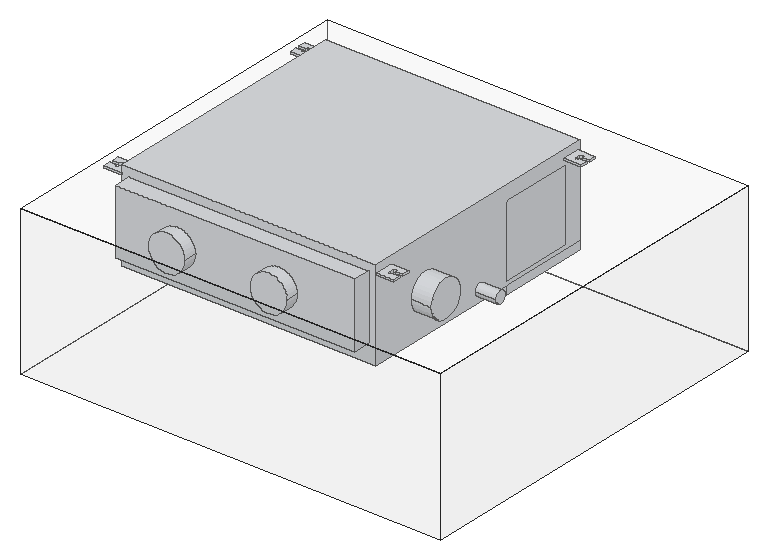
Revit family "pdfy-p22_140gmg7_60Hz", category 機械設備, Revit 2019
Family settings
  丸型コネクタ寸法 = 直径を使用
  パーツ タイプ = 標準
  OmniClass 番号 = 23.75.10.24.21.27.27
  OmniClass タイトル = Split System Air Conditioning Units
  作業面ベース = いいえ
  常に垂直 = いいえ
  ロード時にボイドで切り取り = いいえ
  共有 = いいえ
  部屋計算ポイント = はい
Parameters (values of type "PDFY-P36GMG7")
  騒音レベル（弱）(dB) = 53
  騒音レベル（中）(dB) = 58
  風量（弱）（m3／min） = 7
  風量（中）（m3／min） = 9
  風量（m3／min） = 10.5
  風量 = MAX風量  # 630.0 m³/h
  音響パワーレベル(dB) = 61
  電源種別 = ""
  電圧_電気ヒーター = 0 V
  電圧 = 200 V
  電動機出力_送風機 = 85 W
  運転質量 = 0.00 kg
  連動 = ""
  質量 = if(製品質量 > 運転質量, 製品質量, 運転質量) * 1.2  # 28.80 kg
  負荷分類 = 10_ファンコイル類
  説明 = "ビル用マルチエアコン 室内ユニット 天井ビルトイン形"
  設計暖房能力 [instance] = 0 kW
  設計冷房能力_顕熱 [instance] = 0 kW
  設計冷房能力 [instance] = 0 kW
  設置方法 = "天井吊(隠ぺい)形"
  記号 [instance] = ""
  製造元 = "三菱電機株式会社"
  製品質量 = 24.00 kg
  製品出荷対象 = "国内"
  製品リリース年月 = "2020年7月22日"
  製品グループ = ""
  系統 [instance] = ""
  符号 = "ACP-CIS"
  積算_科目 = "1 空気調和設備"
  積算_拾い区分 [instance] = ""
  相_電気ヒーター = 1
  相 = 1
  盤記号 [instance] = ""
  発停方法 = ""
  特殊仕様 [instance] = ""
  火災停止 = ""
  消費電力_電気ヒーター = 0 W
  消費電力_暖房 = 110 W
  消費電力_加湿器 = 0 W
  消費電力_冷房 = 130 W
  消費電力 = if(消費電力_冷房 > 消費電力_暖房, 消費電力_冷房, 消費電力_暖房) + 消費電力_加湿器 + 消費電力_電気ヒーター  # 130 W
  法定耐用年数 = "15"
  機外静圧 = 30.0 Pa
  極数 = 1
  材質 [instance] = ""
  有効加湿量 = 0
  暖房能力 = 4 kW
  形式_加湿器 = ""
  形式 = "天井吊（隠ぺい）形（片ダクト形）"
  幹線記号 [instance] = ""
  始動方式 = "直入"
  呼称 = "室内機_天井吊(隠ぺい)形(⽚ダクト形)"
  周波数 = 60 Hz
  台数_手元リモコン [instance] = ""
  台数_冷媒分岐ユニット [instance] = ""
  参照している仕様書等のバージョン = "公共建築工事標準仕様書（機械設備工事編）平成31年度版"
  加湿給水管径 = 0.00 mm
  分類コード = "50053003221050"
  分類グループ = ""
  冷房能力 = 3.6 kW
  冷媒高低圧ガス管径 = 0.00 mm
  冷媒管径符号 = "Ac"
  冷媒管径 = 100.00 mm
  冷媒液管径 = 6.35 mm
  冷媒ガス管径 = 12.70 mm
  価格 = 0
  企業コード = "108420"
  付属品_フィルター = ""
  付属品 [instance] = ""
  仕様書バージョン = "Version1.0"
  モデル = "PDFY-P36GMG7"
  パネル マテリアル = none
  ドレン管径 = 32.00 mm
  チャンバーボックス [instance] = yes
  ダクト高 = 178 mm
  ダクト幅 = 660 mm
  コメント [instance] = ""
  Keynote = ""
  Assembly Code = ""
  Width = 700 mm
  Version = ""
  Uniclass2015Version = "Systems v1.9"
  Uniclass2015Title = "Split coil remote air cooled condensing units"
  Uniclass2015Code = "Pr_70_65_03_84"
  URL = "https://www.mitsubishielectric.co.jp/ldg/wink/ssl/displayProduct.do?pid=307501"
  SpecificationReference = ""
  SpecificationDescription = ""
  Revision = ""
  ProductInformation = ""
  OmniClassCode = "23-33 17 13 11"
  MIN風量 = 風量（弱）（m3／min） * 60.0 m³/h  # 420.0 m³/h
  MID風量 = 風量（中）（m3／min） * 60.0 m³/h  # 540.0 m³/h
  MAX風量 = 風量（m3／min） * 60.0 m³/h  # 630.0 m³/h
  IfcTypeProduct = ""
  IfcProduct = ""
  IfcExportType = "AIRCONDITIONINGUNIT"
  IfcExportAs = "IfcUnitaryEquipmentType"
  Height = 250 mm
  Depth = 701 mm
  Author = "三菱電機株式会社"
Types (10, lengths in mm): name | 騒音レベル（弱）(dB) | 騒音レベル（中）(dB) | 風量（弱）（m3／min） | 風量（中）（m3／min） | 風量（m3／min） | 風量 | 音響パワーレベル(dB) | 電動機出力_送風機 | 質量 | 製品質量 | 消費電力_暖房 | 消費電力_冷房 | 消費電力 | 暖房能力 | 冷房能力 | 冷媒管径符号 | 冷媒液管径 | 冷媒ガス管径 | モデル | ダクト幅 | Width | URL | MIN風量 | MID風量 | MAX風量
  PDFY-P22GMG7 | 51 | 55 | 6 | 7.5 | 8.5 | 510.0 m³/h | 57 | 85 W | 28.80 kg | 24.00 kg | 70 W | 90 W | 90 W | 2.5 kW | 2.2 kW | "Ac" | 6.35 | 12.70 | "PDFY-P22GMG7" | 660 | 700 | "https://www.mitsubishielectric.co.jp/ldg/wink/ssl/displayProduct.do?pid=307552" | 360.0 m³/h | 450.0 m³/h | 510.0 m³/h
  PDFY-P28GMG7 | 51 | 56 | 6 | 7.5 | 8.5 | 510.0 m³/h | 57 | 85 W | 28.80 kg | 24.00 kg | 70 W | 90 W | 90 W | 3.2 kW | 2.8 kW | "Ac" | 6.35 | 12.70 | "PDFY-P28GMG7" | 660 | 700 | "https://www.mitsubishielectric.co.jp/ldg/wink/ssl/displayProduct.do?pid=307553" | 360.0 m³/h | 450.0 m³/h | 510.0 m³/h
  PDFY-P36GMG7 | 53 | 58 | 7 | 9 | 10.5 | 630.0 m³/h | 61 | 85 W | 28.80 kg | 24.00 kg | 110 W | 130 W | 130 W | 4 kW | 3.6 kW | "Ac" | 6.35 | 12.70 | "PDFY-P36GMG7" | 660 | 700 | "https://www.mitsubishielectric.co.jp/ldg/wink/ssl/displayProduct.do?pid=307501" | 420.0 m³/h | 540.0 m³/h | 630.0 m³/h
  PDFY-P45GMG7 | 53 | 56 | 9 | 12 | 14 | 840.0 m³/h | 59 | 85 W | 33.60 kg | 28.00 kg | 120 W | 140 W | 140 W | 5 kW | 4.5 kW | "Ac" | 6.35 | 12.70 | "PDFY-P45GMG7" | 860 | 900 | "https://www.mitsubishielectric.co.jp/ldg/wink/ssl/displayProduct.do?pid=307554" | 540.0 m³/h | 720.0 m³/h | 840.0 m³/h
  PDFY-P56GMG7 | 54 | 60 | 10 | 14.5 | 17 | 1020.0 m³/h | 62 | 85 W | 33.60 kg | 28.00 kg | 130 W | 150 W | 150 W | 6.3 kW | 5.6 kW | "Ac" | 6.35 | 15.90 | "PDFY-P56GMG7" | 860 | 900 | "https://www.mitsubishielectric.co.jp/ldg/wink/ssl/displayProduct.do?pid=307555" | 600.0 m³/h | 870.0 m³/h | 1020.0 m³/h
  PDFY-P71GMG7 | 56 | 60 | 12.5 | 16 | 19 | 1140.0 m³/h | 63 | 121 W | 39.60 kg | 33.00 kg | 140 W | 160 W | 160 W | 8 kW | 7.1 kW | "Bd" | 9.52 | 15.90 | "PDFY-P71GMG7" | 1060 | 1100 | "https://www.mitsubishielectric.co.jp/ldg/wink/ssl/displayProduct.do?pid=307502" | 750.0 m³/h | 960.0 m³/h | 1140.0 m³/h
  PDFY-P80GMG7 | 57 | 61 | 13 | 18 | 22 | 1320.0 m³/h | 64 | 121 W | 39.60 kg | 33.00 kg | 170 W | 190 W | 190 W | 9 kW | 8 kW | "Bd" | 9.52 | 15.90 | "PDFY-P80GMG7" | 1060 | 1100 | "https://www.mitsubishielectric.co.jp/ldg/wink/ssl/displayProduct.do?pid=307556" | 780.0 m³/h | 1080.0 m³/h | 1320.0 m³/h
  PDFY-P90GMG7 | 58 | 61 | 13 | 18 | 22 | 1320.0 m³/h | 64 | 121 W | 39.60 kg | 33.00 kg | 170 W | 190 W | 190 W | 10 kW | 9 kW | "Bd" | 9.52 | 15.90 | "PDFY-P90GMG7" | 1060 | 1100 | "https://www.mitsubishielectric.co.jp/ldg/wink/ssl/displayProduct.do?pid=307557" | 780.0 m³/h | 1080.0 m³/h | 1320.0 m³/h
  PDFY-P112GMG7 | 59 | 63 | 20 | 28 | 33 | 1980.0 m³/h | 67 | 244 W | 50.40 kg | 42.00 kg | 280 W | 300 W | 300 W | 12.5 kW | 11.2 kW | "Bd" | 9.52 | 15.90 | "PDFY-P112GMG7" | 1360 | 1400 | "https://www.mitsubishielectric.co.jp/ldg/wink/ssl/displayProduct.do?pid=307503" | 1200.0 m³/h | 1680.0 m³/h | 1980.0 m³/h
  PDFY-P140GMG7 | 62 | 67 | 24 | 34 | 40 | 2400.0 m³/h | 70 | 244 W | 50.40 kg | 42.00 kg | 390 W | 410 W | 410 W | 16 kW | 14 kW | "Bd" | 9.52 | 15.90 | "PDFY-P140GMG7" | 1360 | 1400 | "https://www.mitsubishielectric.co.jp/ldg/wink/ssl/displayProduct.do?pid=307558" | 1440.0 m³/h | 2040.0 m³/h | 2400.0 m³/h
Reference planes
  plane 1 "中心(正面/背面)": y = 0
  plane 2: z = 0
  plane 3 "中心(左/右)": x = 0
  plane 4: y = 407.5
  plane 5: x = -390
  plane 6: x = 770
  plane 7: y = -650.5
  plane 8: y = -350.5
  plane 9: y = 350.5
  plane 10: x = -350
  plane 11: x = 350
  plane 12: z = 22
  plane 13: z = 272
  plane 14: z = 282
  plane 15: z = -130
Lines and regions (mm)
  symbolic lines, detail levels fine
    curve 1: line (-350, 350.5, 0) -> (350, 350.5, 0)
    curve 2: line (-350, -350.5, 0) -> (-350, 350.5, 0)
    curve 3: line (350, -350.5, 0) -> (-350, -350.5, 0)
    curve 4: line (350, 350.5, 0) -> (350, -350.5, 0)
Dimensions and locks
  "Width": plane 10 to plane 11
  locked: plane 8 to plane 7 at 300
  locked: plane 4 to plane 9 at 57
  equal spacing: plane 9, plane 1 "中心(正面/背面)", plane 8
  "Depth": plane 9 to plane 8
  equal spacing: plane 10, plane 3 "中心(左/右)", plane 11
  locked: plane 11 to plane 6 at 420
  locked: plane 5 to plane 10 at 40
  locked: plane 12 to plane 2 at 22
  "Height": plane 13 to plane 12
  locked: plane 14 to plane 13 at 10
  locked: plane 2 to plane 15 at 130
  aligned and locked: level to plane 2
  aligned and locked: plane 1 "中心(正面/背面)" to nested 1
  aligned and locked: plane 3 "中心(左/右)" to nested 1
  aligned and locked: plane 6 to nested 2
  aligned and locked: plane 5 to nested 2
  aligned and locked: plane 15 to nested 2
  aligned and locked: plane 14 to nested 2
  aligned and locked: nested 2 to plane 7
  aligned and locked: nested 2 to plane 4
Automatic sketch dimensions
  curve 3 to plane 8 = 0 mm
  curve 3 to plane 10 = 0 mm
  curve 3 to plane 11 = 0 mm
  curve 2 to plane 9 = 0 mm
Nested families
  nested 1: "PDFY-P-GMG" at (0, 0, 0), ①高さ <- "Height", ①幅 <- "Width", ①奥行き <- "Depth", ダクト幅 <- "ダクト幅", ダクト高 <- "ダクト高", type "PDFY-P-GMG"
    with 配管径 100 mm, 液径 9.52 mm, 液W 57 mm, 液H 122 mm, 液D 136 mm, 吊りボルトW 754 mm, 吊りボルトH 20 mm, 吊りボルトD 643 mm, 加湿器径 0 mm, 加湿器W 0 mm, 加湿器H 0 mm, 加湿器D 0 mm, ドレン径 32 mm, ドレンW 58 mm, ドレンH 217 mm, ドレンD 356 mm, ダクト高 178 mm, ダクト幅 660 mm, ダクト④ no, ダクト③ no, ダクト② yes, ダクト① yes, ガス径 15.88 mm, ガスW 78 mm, ガスH 33 mm, ガスD 67 mm, ①高さ 250 mm, ①幅 700 mm, ①奥行き 701 mm, G 320 mm, F 320 mm, E 280 mm, D 210 mm
  nested 2: "サービススペース(PDFY-P-GMG)" at (190, -121.5, 76), type "サービススペース(PDFY-P-GMG)"
    with Width 1160 mm, Height 412 mm, Depth 1058 mm
Connectors
  piping at (407, -181, 133.5), diameter 100, driven by "冷媒管径"
    settings: on nested 1, index 5, connector inside diameter 609.60 mm, connector length 0 mm, flow factor 0, pipe flow 0.0 L/s, pressure drop 0.0 kPa, fitting loss kfactor 0, connector angle 0.00°, fixture units 0, engagement length 0 mm, angle of deflection 0.00°, flow configuration 1, flow direction 1, fitting loss method 4, system type 7, joint type 0, gender type 0, connector reference index -1, connector utility 0, adjustable connector no, is connector primary yes, connector description ""
  piping at (408, 5.5, 55), diameter 32, driven by "ドレン管径"
    settings: on nested 1, index 6, connector inside diameter 609.60 mm, connector length 0 mm, flow factor 0, pipe flow 0.0 L/s, pressure drop 0.0 kPa, fitting loss kfactor 0, connector angle 0.00°, fixture units 0, engagement length 0 mm, angle of deflection 0.00°, flow configuration 1, flow direction 1, fitting loss method 4, system type 16, joint type 0, gender type 0, connector reference index -1, connector utility 0, adjustable connector no, is connector primary no, connector description ""
  electrical at (351, 200.5, 133), driven by "極数", driven by "負荷分類", driven by "電圧", driven by "消費電力"
    settings: on nested 1, index 7, voltage 200 V, apparent load 130 VA, apparent load phase1 0 VA, apparent load phase2 0 VA, apparent load phase3 0 VA, power factor 1, load classification "10_ファンコイル類", number of poles 1, system type 30, power factor state 1, is connector primary yes, connector utility no, sub classification motor no, connector description ""
  hvac at (0, -397.5, 160), driven by "ダクト高", driven by "ダクト幅"
    settings: on nested 1, index 8, duct flow 0.0 m³/h, flow factor 0, pres drop 0.0 Pa, loss coef 0, conn angle 0.00°, conn width 660 mm, conn height 178 mm, conn diameter 609.6 mm, duct sys type 1, conn prof type 1, flow config 1, flow direction 2, loss method 4, conn ref index -1, conn util no, is conn primary yes, conn desc ""
Definition of nested family "PDFY-P-GMG"
  Parameters (values of type "PDFY-P-GMG")
    加湿器径 [instance] = 0 mm
    加湿器W [instance] = 0 mm
    加湿器H [instance] = 0 mm
    加湿器D [instance] = 0 mm
    液径 [instance] = 9.52 mm
    吊りボルトW [instance] = ①幅 + 54 mm  # 754 mm
    吊りボルトH [instance] = 20 mm
    吊りボルトD [instance] = 643 mm  # constant formula
    配管径 [instance] = 100 mm  # constant formula
    液W [instance] = 57 mm  # constant formula
    液H [instance] = 122 mm  # constant formula
    液D [instance] = 136 mm  # constant formula
    ドレン径 [instance] = 32 mm  # constant formula
    ドレンW [instance] = 58 mm  # constant formula
    ドレンH [instance] = 217 mm  # constant formula
    ドレンD [instance] = 356 mm  # constant formula
    ダクト高 [instance] = 178 mm
    ダクト幅 [instance] = 660 mm
    ダクト④ [instance] = ①幅 > 1300 mm  # no
    ダクト③ [instance] = ①幅 > 1000 mm  # no
    ダクト② [instance] = yes
    ダクト① [instance] = yes
    ガス径 [instance] = 15.88 mm
    ガスW [instance] = 78 mm  # constant formula
    ガスH [instance] = 33 mm  # constant formula
    ガスD [instance] = 67 mm  # constant formula
    ①幅 [instance] = 700 mm
    ①高さ [instance] = 250 mm
    ①奥行き [instance] = 701 mm
    G [instance] = 320 mm  # constant formula
    F [instance] = 320 mm  # constant formula
    E [instance] = if(①幅 = 1400 mm, 320 mm, if(①幅 = 1100 mm, 330 mm, if(①幅 = 900 mm, 450 mm, 280 mm)))  # 280 mm
    D [instance] = if(①幅 = 1400 mm, 220 mm, if(①幅 = 1100 mm, 230 mm, if(①幅 = 900 mm, 225 mm, 210 mm)))  # 210 mm
  Reference planes
    plane 1 "中心(正面/背面)": y = 0
    plane 2: z = 0
    plane 3 "中心(左/右)": x = 0
    plane 4: x = -350
    plane 5: x = 350
    plane 6: y = 350.5
    plane 7: y = -350.5
    plane 8: z = 272
    plane 9: y = 317.5
    plane 10: y = -325.5
    plane 11: x = -377
    plane 12: x = 377
    plane 13: y = 421.5
    plane 14: z = 252
    plane 15: z = 247
    plane 16: y = -397.5
    plane 17: x = 330
    plane 18: x = -330
    plane 19: y = -432.5
    plane 20: z = 71
    plane 21: z = 249
    plane 22: x = -400
    plane 23: x = 400
    plane 24: y = -300.5
    plane 25: y = 342.5
    plane 26: y = 292.5
    plane 27: x = -480
    plane 28: x = -160
    plane 29: x = 120
    plane 30: x = -800
    plane 31: z = 156
    plane 32: z = 22
    plane 33: y = 100.5
    plane 34: y = 5.5
    plane 35: y = -147.5
    plane 36: y = -214.5
    plane 37: y = -181
    plane 38: z = 150
    plane 39: z = 117
    plane 40: z = 133.5
    plane 41: x = 407
    plane 42: x = 408
    plane 43: z = 55
    plane 44: x = 351
  Forms (mm)
    Extrusion 1, solid, detail levels fine
      sketch origin (0, 0, 0) x (1, 0, 0) y (0, 1, 0)
        loop
          line (-350, 350.5) -> (-350, -350.5) -> (350, -350.5) -> (350, 350.5) -> (-350, 350.5)
      from 22 to 272
    Extrusion 2, solid, detail levels fine
      sketch origin (0, 0, 0) x (1, 0, 0) y (0, 0, 1)
        loop
          line (330, 249) -> (-330, 249) -> (-330, 71) -> (330, 71) -> (330, 249)
      from 350.5 to 397.5
    Extrusion 3, solid, detail levels fine
      sketch origin (0, 0, 0) x (1, 0, 0) y (0, 1, 0)
        loop
          line (350, 342.5) -> (350, 292.5) -> (400, 292.5) -> (400, 312.5) -> (382, 312.5)
          arc (382, 312.5) -> (377, 307.5) -> (372, 312.5) r 5
          line (372, 312.5) -> (372, 322.5)
          arc (372, 322.5) -> (377, 327.5) -> (382, 322.5) r 5
          line (382, 322.5) -> (400, 322.5) -> (400, 342.5) -> (350, 342.5)
        loop
          line (400, -300.5) -> (350, -300.5) -> (350, -350.5) -> (400, -350.5) -> (400, -330.5) -> (382, -330.5)
          arc (382, -330.5) -> (377, -335.5) -> (372, -330.5) r 5
          line (372, -330.5) -> (372, -320.5)
          arc (372, -320.5) -> (377, -315.5) -> (382, -320.5) r 5
          line (382, -320.5) -> (400, -320.5) -> (400, -300.5)
        loop
          line (-400, 342.5) -> (-400, 322.5) -> (-382, 322.5)
          arc (-382, 322.5) -> (-377, 327.5) -> (-372, 322.5) r 5
          line (-372, 322.5) -> (-372, 312.5)
          arc (-372, 312.5) -> (-377, 307.5) -> (-382, 312.5) r 5
          line (-382, 312.5) -> (-400, 312.5) -> (-400, 292.5) -> (-350, 292.5) -> (-350, 342.5) -> (-400, 342.5)
        loop
          line (-400, -300.5) -> (-400, -320.5) -> (-382, -320.5)
          arc (-382, -320.5) -> (-377, -315.5) -> (-372, -320.5) r 5
          line (-372, -320.5) -> (-372, -330.5)
          arc (-372, -330.5) -> (-377, -335.5) -> (-382, -330.5) r 5
          line (-382, -330.5) -> (-400, -330.5) -> (-400, -350.5) -> (-350, -350.5) -> (-350, -300.5) -> (-400, -300.5)
      from 247 to 252
    Extrusion 4, solid, visible <- "ダクト①", detail levels fine
      sketch origin (0, 0, 0) x (1, 0, 0) y (0, 0, 1)
        loop
          circle (120, 156) r 50
      from 397.5 to 432.5
    Extrusion 5, solid, detail levels fine
      sketch origin (0, 0, 0) x (1, 0, 0) y (0, 1, 0)
        loop
          line (-350, 350.5) -> (-350, 100.5) -> (350, 100.5) -> (350, 350.5) -> (-350, 350.5)
      from 0 to 22
    Extrusion 6, solid, detail levels fine
      sketch origin (0, 0, 0) x (0, 1, 0) y (0, 0, 1)
        loop
          circle (-181, 133.5) r 50
      from 350 to 407
    Extrusion 7, solid, detail levels fine
      sketch origin (0, 0, 0) x (0, 1, 0) y (0, 0, 1)
        loop
          circle (5.5, 55) r 16
      from 350 to 408
    Extrusion 8, solid, detail levels fine
      sketch origin (0, 0, 0) x (0, 1, 0) y (0, 0, 1)
        loop
          line (100.5, 231) -> (100.5, 35) -> (300.5, 35) -> (300.5, 231) -> (100.5, 231)
      from 350 to 351
    Extrusion 9, solid, visible <- "ダクト②", detail levels fine
      sketch origin (-140, 0, 0) x (1, 0, 0) y (0, 0, 1)
        loop
          circle (-20, 156) r 50
      from 397.5 to 432.5
    Extrusion 10, solid, visible <- "ダクト③", detail levels fine
      sketch origin (-280, 0, 0) x (1, 0, 0) y (0, 0, 1)
        loop
          circle (-200, 156) r 50
      from 397.5 to 432.5
    Extrusion 11, solid, visible <- "ダクト④", detail levels fine
      sketch origin (-420, 0, 0) x (1, 0, 0) y (0, 0, 1)
        loop
          circle (-380, 156) r 50
      from 397.5 to 432.5
  Dimensions and locks
    equal spacing: plane 7, plane 1 "中心(正面/背面)", plane 6
    "①奥行き": plane 7 to plane 6
    equal spacing: plane 4, plane 3 "中心(左/右)", plane 5
    "①幅": plane 4 to plane 5
    equal spacing: plane 11, plane 3 "中心(左/右)", plane 12
    "吊りボルトW": plane 11 to plane 12
    locked: plane 8 to plane 14 at 20
    locked: plane 14 to plane 15 at 5
    "ダクト幅": plane 17 to plane 18
    locked: plane 5 to plane 17 at 20
    "ダクト高": plane 21 to plane 20
    locked: plane 22 to plane 11 at 23
    locked: plane 12 to plane 23 at 23
    locked: plane 9 to plane 6 at 33
    "吊りボルトD": plane 10 to plane 9
    plane 26 to plane 9 to plane 25 = 25 mm locked, 25 mm locked
    plane 7 to plane 10 to plane 24 = 25 mm, 25 mm
    locked: plane 8 to plane 21 at 23
    locked: plane 16 to plane 7 at 47
    locked: plane 19 to plane 16 at 35
    "D": plane 29 to plane 17
    "E": plane 28 to plane 29
    "F": plane 27 to plane 28
    "G": plane 30 to plane 27
    locked: plane 8 to plane 31 at 116
    locked: plane 32 to level at 22
    "①高さ": plane 8 to plane 32
    locked: plane 33 to plane 6 at 250
    "液D": plane 7 to plane 36
    "ドレンD": plane 7 to plane 34
    "ガスD": plane 36 to plane 35
    equal spacing: plane 36, plane 37, plane 35
    "液H": plane 8 to plane 38
    "ガスH": plane 38 to plane 39
    equal spacing: plane 38, plane 40, plane 39
    "液W": plane 5 to plane 41
    "ドレンW": plane 5 to plane 42
    "ドレンH": plane 8 to plane 43
    plane 8 to plane 43 = 217 mm
    locked: plane 5 to plane 44 at 1
    radius of Extrusion 4 sketch curve = 50 mm
    "配管径": diameter of Extrusion 6 sketch curve
    "ドレン径": diameter of Extrusion 7 sketch curve
    radius of Extrusion 9 sketch curve = 50 mm
    radius of Extrusion 10 sketch curve = 50 mm
    radius of Extrusion 11 sketch curve = 50 mm
    aligned and locked: level to plane 2
    aligned and locked: plane 6 to Extrusion 1 sketch curve
    aligned and locked: plane 4 to Extrusion 1 sketch curve
    aligned and locked: Extrusion 1 sketch curve to plane 7
    aligned and locked: Extrusion 1 sketch curve to plane 5
    aligned and locked: plane 8 to Extrusion 1
    aligned and locked: plane 21 to Extrusion 2 sketch curve
    aligned and locked: plane 17 to Extrusion 2 sketch curve
    aligned and locked: Extrusion 2 sketch curve to plane 20
    aligned and locked: Extrusion 2 sketch curve to plane 18
    aligned and locked: plane 16 to Extrusion 2
    aligned and locked: Extrusion 2 to plane 7
    aligned and locked: plane 10 to nested 1
    aligned and locked: plane 11 to nested 1
    aligned and locked: plane 12 to nested 1
    aligned and locked: nested 1 to plane 9
    aligned and locked: plane 25 to Extrusion 3 sketch curve  (x2)
    aligned and locked: plane 5 to Extrusion 3 sketch curve
    aligned and locked: Extrusion 3 sketch curve to plane 26  (x2)
    aligned and locked: Extrusion 3 sketch curve to plane 23  (x2)
    aligned and locked: Extrusion 3 sketch curve to plane 24
    aligned and locked: plane 23 to Extrusion 3 sketch curve  (x2)
    aligned and locked: Extrusion 1 to Extrusion 3 sketch curve  (x2)
    aligned and locked: Extrusion 3 sketch curve to Extrusion 1  (x2)
    aligned and locked: plane 22 to Extrusion 3 sketch curve  (x4)
    aligned and locked: Extrusion 3 sketch curve to plane 4
    aligned and locked: plane 24 to Extrusion 3 sketch curve
    aligned and locked: plane 11 to Extrusion 3 sketch curve  (x4)
    aligned and locked: plane 12 to Extrusion 3 sketch curve  (x4)
    aligned and locked: plane 14 to Extrusion 3
    aligned and locked: Extrusion 3 to plane 15
    aligned and locked: plane 29 to Extrusion 4 sketch curve
    aligned and locked: plane 31 to Extrusion 4 sketch curve
    aligned and locked: plane 19 to Extrusion 4
    aligned and locked: Extrusion 4 to plane 16
    aligned and locked: Extrusion 1 to plane 32
    aligned and locked: Extrusion 5 sketch curve to Extrusion 1  (x2)
    aligned and locked: Extrusion 5 sketch curve to plane 33
    aligned and locked: Extrusion 5 sketch curve to plane 5
    aligned and locked: Extrusion 5 to Extrusion 1
    aligned and locked: plane 37 to Extrusion 6 sketch curve
    aligned and locked: plane 40 to Extrusion 6 sketch curve
    aligned and locked: Extrusion 6 to plane 5
    aligned and locked: plane 41 to Extrusion 6
    aligned and locked: plane 34 to Extrusion 7 sketch curve
    aligned and locked: plane 43 to Extrusion 7 sketch curve
    aligned and locked: plane 42 to Extrusion 7
    aligned and locked: Extrusion 7 to plane 5
    aligned and locked: plane 44 to Extrusion 8
    aligned and locked: Extrusion 8 to plane 5
    aligned and locked: plane 28 to Extrusion 9 sketch curve
    aligned and locked: plane 31 to Extrusion 9 sketch curve
    aligned and locked: plane 27 to Extrusion 10 sketch curve
    aligned and locked: plane 31 to Extrusion 10 sketch curve
    aligned and locked: plane 31 to Extrusion 11 sketch curve
    aligned and locked: plane 30 to Extrusion 11 sketch curve
    aligned and locked: plane 19 to Extrusion 11
    aligned and locked: Extrusion 11 to plane 16
    aligned and locked: plane 19 to Extrusion 10
    aligned and locked: Extrusion 10 to plane 16
    aligned and locked: Extrusion 9 to plane 16
    aligned and locked: plane 19 to Extrusion 9
  Automatic sketch dimensions
    Extrusion 3 sketch curve to plane 11 = 5 mm  (x2)
    Extrusion 3 sketch curve to Extrusion 3 sketch curve = 5 mm
    Extrusion 3 sketch curve to plane 12 = 5 mm
    plane 10 to Extrusion 3 sketch curve = 5 mm  (x2)
    Extrusion 3 sketch curve to Extrusion 3 sketch curve = 0 mm  (x4)
    Extrusion 3 sketch curve to plane 10 = 5 mm  (x2)
    plane 9 to Extrusion 3 sketch curve = 5 mm  (x3)
    Extrusion 3 sketch curve to plane 9 = 5 mm  (x2)
    Extrusion 8 sketch curve to plane 33 = 0 mm
    Extrusion 8 sketch curve to plane 26 = 8 mm
    plane 32 to Extrusion 8 sketch curve = 13 mm
    Extrusion 8 sketch curve to plane 15 = 16 mm
  Nested families
    nested 1: "固定点" at (-377, -325.5, 0), type "固定点", detail levels fine
      with W 754 mm, D 643 mm, 中心円 10 mm
  Definition of nested family "固定点"
    Parameters (values of type "固定点")
      中心円 = 20 mm
      W [instance] = 1000 mm
      D [instance] = 1000 mm
    Reference planes
      plane 1 "中心(正面/背面)": y = 0
      plane 2: z = 0
      plane 3 "中心(左/右)": x = 0
      plane 4: x = 1000
      plane 5: y = 1000
    Lines and regions (mm)
      symbolic lines, detail levels fine
        curve 1: circle (0, 1000, 0) r 10 normal (0, 0, 1)
        curve 2: circle (0, 0, 0) r 10 normal (0, 0, 1)
        curve 3: circle (1000, 1000, 0) r 10 normal (0, 0, 1)
        curve 4: circle (1000, 0, 0) r 10 normal (0, 0, 1)
        curve 5: line (-200, 1000, 0) -> (1200, 1000, 0)
        curve 6: line (-200, 0, 0) -> (1200, 0, 0)
        curve 7: line (0, 1200, 0) -> (0, -200, 0)
        curve 8: line (1000, 1200, 0) -> (1000, -200, 0)
    Dimensions and locks
      "W": plane 3 "中心(左/右)" to plane 4
      "D": plane 1 "中心(正面/背面)" to plane 5
      "中心円": diameter of curve 1
      "中心円": diameter of curve 2
      "中心円": diameter of curve 3
      "中心円": diameter of curve 4
      aligned and locked: level to plane 2
      aligned and locked: plane 5 to curve 1
      aligned and locked: plane 3 "中心(左/右)" to curve 1
      aligned and locked: plane 3 "中心(左/右)" to curve 2
      aligned and locked: plane 1 "中心(正面/背面)" to curve 2
      aligned and locked: plane 4 to curve 3
      aligned and locked: plane 5 to curve 3
      aligned and locked: plane 1 "中心(正面/背面)" to curve 4
      aligned and locked: plane 4 to curve 4
      aligned and locked: plane 1 "中心(正面/背面)" to curve 6
      aligned and locked: curve 7 to plane 3 "中心(左/右)"
      aligned and locked: curve 8 to plane 4
    Automatic sketch dimensions
      curve 5 to plane 5 = 0 mm
      curve 6 to plane 3 "中心(左/右)" = 200 mm
      curve 5 to plane 3 "中心(左/右)" = 200 mm
      curve 4 to curve 6 = 200 mm
      curve 3 to curve 5 = 200 mm
      plane 1 "中心(正面/背面)" to curve 8 = 200 mm
      plane 1 "中心(正面/背面)" to curve 7 = 200 mm
      curve 3 to curve 8 = 200 mm
      curve 1 to curve 7 = 200 mm
Definition of nested family "サービススペース(PDFY-P-GMG)"
  Parameters (values of type "サービススペース")
    Width [instance] = 500 mm
    Height [instance] = 500 mm
    Depth [instance] = 500 mm
  Reference planes
    plane 1 "中心(正面/背面)": y = 0
    plane 2: z = 0
    plane 3 "中心(左/右)": x = 0
    plane 4: y = -250
    plane 5: x = 250
    plane 6: y = 250
    plane 7: x = -250
    plane 8: z = 250
    plane 9: z = -250
  Forms (mm)
    Extrusion 1, solid
      sketch origin (-638.939, 0, 72.39) x (1, 0, 0) y (0, 1, 0)
        loop
          line (388.939, 250) -> (388.939, -250) -> (888.939, -250) -> (888.939, 250) -> (388.939, 250)
      from -322.39 to 177.61
  Lines and regions (mm)
    symbolic lines
      curve 1: line (-250, 0, 250) -> (250, 0, 250)
      curve 2: line (-250, 0, -250) -> (-250, 0, 250)
      curve 3: line (250, 0, -250) -> (-250, 0, -250)
      curve 4: line (250, 0, 250) -> (250, 0, -250)
      curve 5: line (0, -250, 250) -> (0, 250, 250)
      curve 6: line (0, -250, -250) -> (0, -250, 250)
      curve 7: line (0, 250, -250) -> (0, -250, -250)
      curve 8: line (0, 250, 250) -> (0, 250, -250)
      curve 9: line (-250, 250, 0) -> (250, 250, 0)
      curve 10: line (-250, -250, 0) -> (-250, 250, 0)
      curve 11: line (250, -250, 0) -> (-250, -250, 0)
      curve 12: line (250, 250, 0) -> (250, -250, 0)
  Dimensions and locks
    equal spacing: plane 7, plane 3 "中心(左/右)", plane 5
    equal spacing: plane 4, plane 1 "中心(正面/背面)", plane 6
    "Depth": plane 4 to plane 6
    "Width": plane 7 to plane 5
    equal spacing: plane 8, plane 2, plane 9
    "Height": plane 8 to plane 9
    aligned and locked: plane 9 to curve 3
    aligned and locked: plane 7 to curve 2
    aligned and locked: curve 4 to plane 5
    aligned and locked: plane 5 to Extrusion 1
    aligned and locked: Extrusion 1 to plane 7
    aligned and locked: Extrusion 1 to plane 9
    aligned and locked: plane 8 to Extrusion 1
    aligned and locked: plane 9 to curve 7
  Automatic sketch dimensions
    plane 4 to Extrusion 1 sketch curve = 0 mm
    Extrusion 1 sketch curve to plane 7 = 0 mm
    Extrusion 1 sketch curve to plane 5 = 0 mm
    plane 6 to Extrusion 1 sketch curve = 0 mm
    curve 2 to plane 8 = 0 mm
    plane 4 to curve 11 = 0 mm
    curve 11 to plane 7 = 0 mm
    curve 11 to plane 5 = 0 mm
    plane 6 to curve 10 = 0 mm
    curve 7 to plane 4 = 0 mm
    curve 7 to plane 6 = 0 mm
    curve 6 to plane 8 = 0 mm
